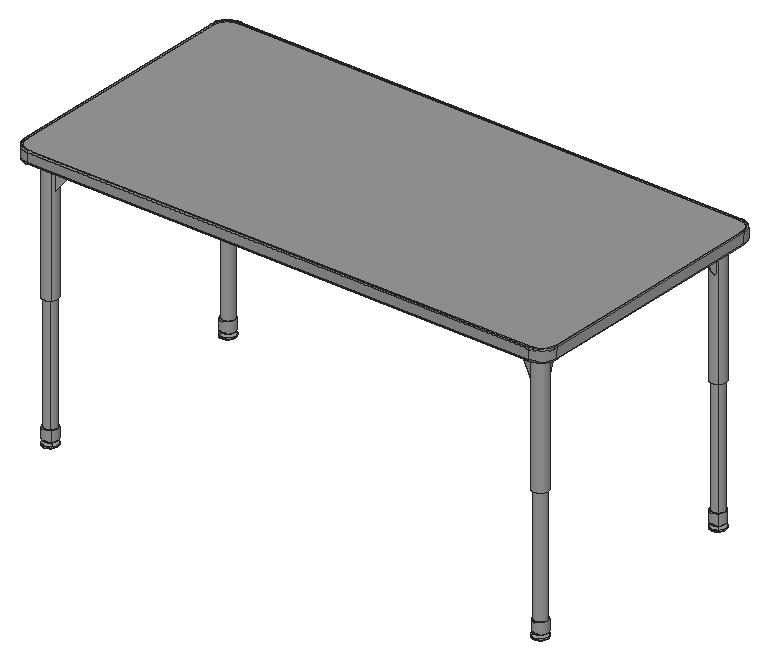
Revit family "Porcelain Steel 60x30 Rectangle Table", category Furniture, Revit 2018
Family settings
  Work Plane-Based = No
  Always vertical = Yes
  Cut with Voids When Loaded = No
  Shared = No
  Room Calculation Point = No
Parameters
  Table Height = 2' - 5"
  Leg Finish = Hierarchy Leg Platinum
  Caster/Glider = Hierarchy Leg - Glide : Hierarchy Leg - Glide
Reference planes (in)
  plane 1 "Center (Front/Back)": y = 0
  plane 2: z = 0
  plane 3 "Center (Left/Right)": x = 0
  plane 4: z = 29
Dimensions and locks (in)
  "Table Height": plane 4 to level
  aligned and locked: plane 2 to level
  aligned and locked: nested 1 to plane 4
Nested families (in)
  nested 1: "Porcelain 6030 Rectangle Tabletop" at (0, 0, 15.69459), type "Porcelain 6030 Rectangle Tabletop"
  nested 2: "Hierarchy Leg - Glide" at (-27.53349, 12.46045, 0) x (0.7071, 0.7071, 0) z (0, 0, 1), type <- "Caster/Glider", Leg Finish <- "Leg Finish", Leg Height <- "Table Height", type "Hierarchy Leg - Glide"
    with Leg Height 2' - 5", Leg Finish Hierarchy Leg Platinum
  nested 3: "Hierarchy Leg - Glide" at (-27.53349, -12.48843, 0) x (-0.7071, 0.7071, 0) z (0, 0, 1), type <- "Caster/Glider", Leg Finish <- "Leg Finish", Leg Height <- "Table Height", type "Hierarchy Leg - Glide"
    with Leg Height 2' - 5", Leg Finish Hierarchy Leg Platinum
  nested 4: "Hierarchy Leg - Glide" at (27.53349, -12.48843, 0) x (-0.7071, -0.7071, 0) z (0, 0, 1), Leg Finish <- "Leg Finish", Leg Height <- "Table Height", type "Hierarchy Leg - Glide"
    with Leg Height 2' - 5", Leg Finish Hierarchy Leg Platinum
  nested 5: "Hierarchy Leg - Glide" at (27.53349, 12.46045, 0) x (0.7071, -0.7071, 0) z (0, 0, 1), Leg Finish <- "Leg Finish", Leg Height <- "Table Height", type "Hierarchy Leg - Glide"
    with Leg Height 2' - 5", Leg Finish Hierarchy Leg Platinum
Definition of nested family "Porcelain 6030 Rectangle Tabletop"
  Parameters (values of type "Porcelain 6030 Rectangle Tabletop")
    Surface = none
    Edgeband = none
  Reference planes (in)
    plane 1 "Center (Front/Back)": y = 0
    plane 2: z = 0
    plane 3 "Center (Left/Right)": x = 0
  Forms (in)
    Extrusion 1, solid
      sketch origin (39.28513, -9.17802, 0) x (1, 0, 0) y (0, 1, 0)
        loop
          arc (-67.45442, 23.84896) -> (-68.55801, 23.39185) -> (-69.01513, 22.28826) r 1.5607
          line (-69.01513, 22.28826) -> (-69.01513, -3.93221)
          arc (-69.01513, -3.93221) -> (-68.55801, -5.0358) -> (-67.45442, -5.49292) r 1.5607
          line (-67.45442, -5.49292) -> (-11.11584, -5.49292)
          arc (-11.11584, -5.49292) -> (-10.01226, -5.0358) -> (-9.55514, -3.93221) r 1.5607
          line (-9.55514, -3.93221) -> (-9.55514, 22.28826)
          arc (-9.55514, 22.28826) -> (-10.01226, 23.39185) -> (-11.11584, 23.84896) r 1.5607
          line (-11.11584, 23.84896) -> (-67.45442, 23.84896)
      from 13.30541 to 14.53375
    Sweep 2, solid
      path origin (39.28513, -9.17802, 0) x (1, 0, 0) y (0, 1, 0)
        loop
          line (-11.11584, 23.91541) -> (-67.45442, 23.91541)
          arc (-67.45442, 23.91541) -> (-68.60499, 23.43883) -> (-69.08158, 22.28826) r 1.62715
          line (-69.08158, 22.28826) -> (-69.08158, -3.93221)
          arc (-69.08158, -3.93221) -> (-68.60499, -5.08278) -> (-67.45442, -5.55937) r 1.62715
          line (-67.45442, -5.55937) -> (-11.11584, -5.55937)
          arc (-11.11584, -5.55937) -> (-9.96527, -5.08278) -> (-9.48869, -3.93221) r 1.62715
          line (-9.48869, -3.93221) -> (-9.48869, 22.28826)
          arc (-9.48869, 22.28826) -> (-9.96527, 23.43883) -> (-11.11584, 23.91541) r 1.62715
      profile origin (0, 14.73739, 0) x (0, -1, 0) y (0, 0, 1)
        loop
          line (0, 13.34147) -> (0, 14.50949) -> (0.10571, 14.50949) -> (0.10571, 14.54167)
          arc (0.10571, 14.54167) -> (0.07218, 14.56143) -> (0.03507, 14.57312) r 0.1716
          line (0.03507, 14.57312) -> (-0.03244, 14.57312)
          arc (-0.03244, 14.57312) -> (-0.10136, 14.54458) -> (-0.12991, 14.47566) r 0.09746
          line (-0.12991, 14.47566) -> (-0.12991, 13.3753)
          arc (-0.12991, 13.3753) -> (-0.10137, 13.30639) -> (-0.03246, 13.27785) r 0.09745
          line (-0.03246, 13.27785) -> (0.02521, 13.27783)
          arc (0.02521, 13.27783) -> (0.04767, 13.28412) -> (0.06645, 13.29795) r 0.06478
          line (0.06645, 13.29795) -> (0.06645, 13.34147) -> (0, 13.34147)
  Dimensions and locks (in)
    aligned and locked: plane 2 to level
Definition of nested family "Hierarchy Leg - Glide"
  Parameters (values of type "Hierarchy Leg - Glide")
    Leg Finish [instance] = none
    Leg Height [instance] = 2' - 5"
  Reference planes (in)
    plane 1 "Center (Front/Back)": y = 0
    plane 2: z = 0
    plane 3 "Center (Left/Right)": x = 0
  Forms (in)
    Extrusion 1, solid
      sketch origin (-0.01562, 0, 0) x (1, 0, 0) y (0, 1, 0)
        loop
          circle (0.01563, 0) r 0.67016
      from 0.67618 to 16.17618
    Revolve 2, solid
      sketch origin (0, 0, 0) x (1, 0, 0) y (0, 0, 1)
        loop
          line (-0.73189, 1.80118) -> (-0.79439, 1.73867) -> (-0.79439, 0.61381) -> (-0.73176, 0.55118) -> (-0.125, 0.55118) -> (-0.125, 0.42618) -> (-0.84656, 0.16241) -> (-0.84656, 0.08994) -> (-0.81359, 0) -> (0, 0) -> (0, 1.80118) -> (-0.73189, 1.80118)
        axis (0, 1.80118) -> (0, 0)
      angle from 0 to 360
  Dimensions and locks (in)
    "Leg Height": nested 1 to level
    aligned and locked: plane 2 to level
  Automatic sketch dimensions
    plane 1 "Center (Front/Back)" to Extrusion 1 sketch curve = 0' - 0"
    Extrusion 1 sketch curve to plane 3 "Center (Left/Right)" = 0' - 0"
    Revolve 2 sketch curve to level = 0' - 0"
    Revolve 2 sketch curve to plane 3 "Center (Left/Right)" = 0' - 0"  (x2)
    Revolve 2 sketch curve to plane 3 "Center (Left/Right)" = 0' - 0 1/8"
    Revolve 2 sketch curve to Revolve 2 sketch curve = 0' - 0.60676"
    Revolve 2 sketch curve to Revolve 2 sketch curve = 0' - 0.73189"
    Revolve 2 sketch curve to Revolve 2 sketch curve = 0' - 0.06263"  (x2)
    Revolve 2 sketch curve to Revolve 2 sketch curve = 0' - 0.08183"
    Revolve 2 sketch curve to Revolve 2 sketch curve = 0' - 0.03297"
    level to Revolve 2 sketch curve = 0' - 0.08994"
    Revolve 2 sketch curve to Revolve 2 sketch curve = 0' - 0.07247"
    level to Revolve 2 sketch curve = 0' - 0.42618"
    Revolve 2 sketch curve to Revolve 2 sketch curve = 0' - 0 1/8"
    Revolve 2 sketch curve to Revolve 2 sketch curve = 0' - 1.12486"
    Revolve 2 sketch curve to Revolve 2 sketch curve = 0' - 0 1/16"
    Revolve 2 sketch curve to level = 2' - 0"
    Revolve 2 sketch curve to Revolve 2 sketch curve = 8' - 4.91764"
    radius of Extrusion 1 sketch curve = 0' - 0.67016"
  Nested families (in)
    nested 1: "Hierarchy Upper Leg 2023" at (0, 0, 1.19783), Shapes Leg Finish <- "Leg Finish", type "Hierarchy Upper Leg 2023"
      with Shapes Leg Finish none
  Definition of nested family "Hierarchy Upper Leg 2023"
    Parameters (values of type "Hierarchy Upper Leg 2023")
      Shapes Leg Finish [instance] = none
    Reference planes (in)
      plane 1 "Center (Front/Back)": y = 0
      plane 2: z = 0
      plane 3 "Center (Left/Right)": x = 0
    Forms (in)
      Extrusion 1, solid, material <- "Shapes Leg Finish"
        sketch origin (0, 0, 0) x (1, 0, 0) y (0, 1, 0)
          loop
            circle (0, 0) r 0.84802
        from 13.67618 to 27.67618
      Extrusion 2, solid, material <- "Shapes Leg Finish"
        sketch origin (0, 0, 0) x (1, 0, 0) y (0, 1, 0)
          loop
            line (-1.70174, 0.19183) -> (-2.88626, -2.26116)
            arc (-2.88626, -2.26116) -> (-2.83993, -3.09822) -> (-2.1063, -3.50394) r 0.86614
            line (-2.1063, -3.50394) -> (2.1063, -3.50394)
            arc (2.1063, -3.50394) -> (2.83993, -3.09822) -> (2.88626, -2.26116) r 0.86614
            line (2.88626, -2.26116) -> (1.70174, 0.19183)
            arc (1.70174, 0.19183) -> (0, 1.25984) -> (-1.70174, 0.19183) r 1.88976
        from 27.67618 to 27.80217
      Extrusion 3, solid, material <- "Shapes Leg Finish"
        sketch origin (-1.48519, 8.66524, 0) x (-0.434844, 0.900506, 0) y (0, 0, 1)
          loop
            line (-9.01425, 27.67618) -> (-11.80952, 27.67618)
            arc (-11.80952, 27.67618) -> (-11.92325, 27.58993) -> (-11.87088, 27.45715) r 0.11811
            arc (-11.87088, 27.45715) -> (-10.39364, 26.29679) -> (-9.23328, 24.81955) r 7.87402
            arc (-9.23328, 24.81955) -> (-9.1005, 24.76717) -> (-9.01425, 24.88091) r 0.11811
            line (-9.01425, 24.88091) -> (-9.01425, 27.67618)
        from -1.94075 to -1.81476
      Extrusion 4, solid, material <- "Shapes Leg Finish"
        sketch origin (1.48519, 8.66524, 0) x (0.434844, 0.900506, 0) y (0, 0, -1)
          loop
            line (-9.01425, -27.67618) -> (-9.01425, -24.88091)
            arc (-9.01425, -24.88091) -> (-9.1005, -24.76717) -> (-9.23328, -24.81955) r 0.11811
            arc (-9.23328, -24.81955) -> (-10.39364, -26.29679) -> (-11.87088, -27.45715) r 7.87402
            arc (-11.87088, -27.45715) -> (-11.92325, -27.58993) -> (-11.80952, -27.67618) r 0.11811
            line (-11.80952, -27.67618) -> (-9.01425, -27.67618)
        from -1.94075 to -1.81476
    Dimensions and locks (in)
      aligned and locked: plane 2 to level
